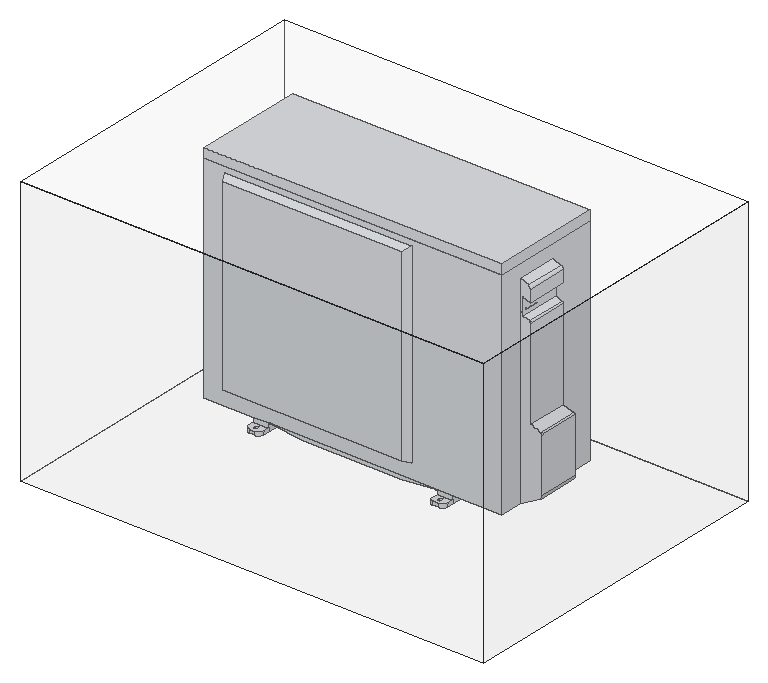
Revit family "puz-ermp4063ska14_60hz", category 機械設備, Revit 2019 (continued)
Definition of nested family "PUZ-ZRMP-1"
  Lines and regions (mm)
    model lines, visible <- "タイプ1", detail levels fine
      curve 341: arc (-404.5, -100, 64) -> (-404.5, -98.536, 60.464) -> (-404.5, -95, 59) r 5
    model lines, visible <- "タイプ3", not visible
      curve 342: line (-404.5, -100, 907) -> (-404.5, -60, 907)
      curve 343: line (-404.5, -100, 1097) -> (-404.5, -100, 907)
      curve 344: line (-404.5, -60, 1097) -> (-404.5, -100, 1097)
      curve 345: line (-404.5, -60, 907) -> (-404.5, -60, 1097)
      curve 346: line (-404.5, 60, 907) -> (-404.5, 100, 907)
      curve 347: line (-404.5, 60, 1097) -> (-404.5, 60, 907)
      curve 348: line (-404.5, 100, 1097) -> (-404.5, 60, 1097)
      curve 349: line (-404.5, 100, 907) -> (-404.5, 100, 1097)
      curve 350: line (-404.5, -46.667, 907) -> (-404.5, -6.667, 907)
      curve 351: line (-404.5, -46.667, 1097) -> (-404.5, -46.667, 907)
      curve 352: line (-404.5, -6.667, 1097) -> (-404.5, -46.667, 1097)
      curve 353: line (-404.5, -6.667, 907) -> (-404.5, -6.667, 1097)
      curve 354: line (-404.5, 6.667, 907) -> (-404.5, 46.667, 907)
      curve 355: line (-404.5, 6.667, 1097) -> (-404.5, 6.667, 907)
      curve 356: line (-404.5, 46.667, 1097) -> (-404.5, 6.667, 1097)
      curve 357: line (-404.5, 46.667, 907) -> (-404.5, 46.667, 1097)
      curve 358: line (-404.5, -100, 1112) -> (-404.5, -60, 1112)
      curve 359: line (-404.5, -100, 1302) -> (-404.5, -100, 1112)
      curve 360: line (-404.5, -60, 1302) -> (-404.5, -100, 1302)
      curve 361: line (-404.5, -60, 1112) -> (-404.5, -60, 1302)
      curve 362: line (-404.5, 60, 1112) -> (-404.5, 100, 1112)
      curve 363: line (-404.5, 60, 1302) -> (-404.5, 60, 1112)
      curve 364: line (-404.5, 100, 1302) -> (-404.5, 60, 1302)
      curve 365: line (-404.5, 100, 1112) -> (-404.5, 100, 1302)
      curve 366: line (-404.5, -46.667, 1112) -> (-404.5, -6.667, 1112)
      curve 367: line (-404.5, -46.667, 1302) -> (-404.5, -46.667, 1112)
      curve 368: line (-404.5, -6.667, 1302) -> (-404.5, -46.667, 1302)
      curve 369: line (-404.5, -6.667, 1112) -> (-404.5, -6.667, 1302)
      curve 370: line (-404.5, 6.667, 1112) -> (-404.5, 46.667, 1112)
      curve 371: line (-404.5, 6.667, 1302) -> (-404.5, 6.667, 1112)
      curve 372: line (-404.5, 46.667, 1302) -> (-404.5, 6.667, 1302)
      curve 373: line (-404.5, 46.667, 1112) -> (-404.5, 46.667, 1302)
    model lines, visible <- "タイプ2", not visible
      curve 374: line (-600, -100, 33.5) -> (-600, -60, 33.5)
      curve 375: line (-600, -100, 73.5) -> (-600, -100, 33.5)
      curve 376: line (-600, -60, 73.5) -> (-600, -100, 73.5)
      curve 377: line (-600, -60, 33.5) -> (-600, -60, 73.5)
      curve 378: line (-600, 60, 33.5) -> (-600, 100, 33.5)
      curve 379: line (-600, 60, 73.5) -> (-600, 60, 33.5)
      curve 380: line (-600, 100, 73.5) -> (-600, 60, 73.5)
      curve 381: line (-600, 100, 33.5) -> (-600, 100, 73.5)
      curve 382: line (-509, -46.667, 33.5) -> (-509, -6.667, 33.5)
      curve 383: line (-509, -46.667, 73.5) -> (-509, -46.667, 33.5)
      curve 384: line (-509, -6.667, 73.5) -> (-509, -46.667, 73.5)
      curve 385: line (-509, -6.667, 33.5) -> (-509, -6.667, 73.5)
      curve 386: line (-509, 6.667, 33.5) -> (-509, 46.667, 33.5)
      curve 387: line (-509, 6.667, 73.5) -> (-509, 6.667, 33.5)
      curve 388: line (-509, 46.667, 73.5) -> (-509, 6.667, 73.5)
      curve 389: line (-509, 46.667, 33.5) -> (-509, 46.667, 73.5)
      curve 483: line (-404.5, -100, 33.5) -> (-404.5, -60, 33.5)
      curve 484: line (-404.5, -100, 73.5) -> (-404.5, -100, 33.5)
      curve 485: line (-404.5, -60, 73.5) -> (-404.5, -100, 73.5)
      curve 486: line (-404.5, -60, 33.5) -> (-404.5, -60, 73.5)
      curve 487: line (-404.5, 60, 33.5) -> (-404.5, 100, 33.5)
      curve 488: line (-404.5, 60, 73.5) -> (-404.5, 60, 33.5)
      curve 489: line (-404.5, 100, 73.5) -> (-404.5, 60, 73.5)
      curve 490: line (-404.5, 100, 33.5) -> (-404.5, 100, 73.5)
      curve 491: line (-404.5, -46.667, 33.5) -> (-404.5, -6.667, 33.5)
      curve 492: line (-404.5, -46.667, 73.5) -> (-404.5, -46.667, 33.5)
      curve 493: line (-404.5, -6.667, 73.5) -> (-404.5, -46.667, 73.5)
      curve 494: line (-404.5, -6.667, 33.5) -> (-404.5, -6.667, 73.5)
      curve 495: line (-404.5, 6.667, 33.5) -> (-404.5, 46.667, 33.5)
      curve 496: line (-404.5, 6.667, 73.5) -> (-404.5, 6.667, 33.5)
      curve 497: line (-404.5, 46.667, 73.5) -> (-404.5, 6.667, 73.5)
      curve 498: line (-404.5, 46.667, 33.5) -> (-404.5, 46.667, 73.5)
    model lines, not visible
      curve 390: line (-404.5, -100, 87) -> (-404.5, -60, 87)
      curve 391: line (-404.5, -100, 277) -> (-404.5, -100, 87)
      curve 392: line (-404.5, -60, 277) -> (-404.5, -100, 277)
      curve 393: line (-404.5, -60, 87) -> (-404.5, -60, 277)
      curve 394: line (-404.5, -100, 292) -> (-404.5, -60, 292)
      curve 395: line (-404.5, -100, 482) -> (-404.5, -100, 292)
      curve 396: line (-404.5, -60, 482) -> (-404.5, -100, 482)
      curve 397: line (-404.5, -60, 292) -> (-404.5, -60, 482)
      curve 398: line (-404.5, -100, 497) -> (-404.5, -60, 497)
      curve 399: line (-404.5, -100, 687) -> (-404.5, -100, 497)
      curve 400: line (-404.5, -60, 687) -> (-404.5, -100, 687)
      curve 401: line (-404.5, -60, 497) -> (-404.5, -60, 687)
      curve 402: line (-404.5, -100, 702) -> (-404.5, -60, 702)
      curve 403: line (-404.5, -100, 892) -> (-404.5, -100, 702)
      curve 404: line (-404.5, -60, 892) -> (-404.5, -100, 892)
      curve 405: line (-404.5, -60, 702) -> (-404.5, -60, 892)
      curve 406: line (-404.5, 60, 87) -> (-404.5, 100, 87)
      curve 407: line (-404.5, 60, 277) -> (-404.5, 60, 87)
      curve 408: line (-404.5, 100, 277) -> (-404.5, 60, 277)
      curve 409: line (-404.5, 100, 87) -> (-404.5, 100, 277)
      curve 410: line (-404.5, -46.667, 87) -> (-404.5, -6.667, 87)
      curve 411: line (-404.5, -46.667, 277) -> (-404.5, -46.667, 87)
      curve 412: line (-404.5, -6.667, 277) -> (-404.5, -46.667, 277)
      curve 413: line (-404.5, -6.667, 87) -> (-404.5, -6.667, 277)
      curve 414: line (-404.5, 6.667, 87) -> (-404.5, 46.667, 87)
      curve 415: line (-404.5, 6.667, 277) -> (-404.5, 6.667, 87)
      curve 416: line (-404.5, 46.667, 277) -> (-404.5, 6.667, 277)
      curve 417: line (-404.5, 46.667, 87) -> (-404.5, 46.667, 277)
      curve 418: line (-404.5, 60, 292) -> (-404.5, 100, 292)
      curve 419: line (-404.5, 60, 482) -> (-404.5, 60, 292)
      curve 420: line (-404.5, 100, 482) -> (-404.5, 60, 482)
      curve 421: line (-404.5, 100, 292) -> (-404.5, 100, 482)
      curve 422: line (-404.5, 60, 702) -> (-404.5, 100, 702)
      curve 423: line (-404.5, 60, 892) -> (-404.5, 60, 702)
      curve 424: line (-404.5, 100, 892) -> (-404.5, 60, 892)
      curve 425: line (-404.5, 100, 702) -> (-404.5, 100, 892)
      curve 426: line (-404.5, -46.667, 292) -> (-404.5, -6.667, 292)
      curve 427: line (-404.5, -46.667, 482) -> (-404.5, -46.667, 292)
      curve 428: line (-404.5, -6.667, 482) -> (-404.5, -46.667, 482)
      curve 429: line (-404.5, -6.667, 292) -> (-404.5, -6.667, 482)
      curve 430: line (-404.5, -46.667, 497) -> (-404.5, -6.667, 497)
      curve 431: line (-404.5, -46.667, 687) -> (-404.5, -46.667, 497)
      curve 432: line (-404.5, -6.667, 687) -> (-404.5, -46.667, 687)
      curve 433: line (-404.5, -6.667, 497) -> (-404.5, -6.667, 687)
      curve 434: line (-404.5, -46.667, 702) -> (-404.5, -6.667, 702)
      curve 435: line (-404.5, -46.667, 892) -> (-404.5, -46.667, 702)
      curve 436: line (-404.5, -6.667, 892) -> (-404.5, -46.667, 892)
      curve 437: line (-404.5, -6.667, 702) -> (-404.5, -6.667, 892)
      curve 438: line (-404.5, 6.667, 292) -> (-404.5, 46.667, 292)
      curve 439: line (-404.5, 6.667, 482) -> (-404.5, 6.667, 292)
      curve 440: line (-404.5, 46.667, 482) -> (-404.5, 6.667, 482)
      curve 441: line (-404.5, 46.667, 292) -> (-404.5, 46.667, 482)
      curve 442: line (-404.5, 6.667, 497) -> (-404.5, 46.667, 497)
      curve 443: line (-404.5, 6.667, 687) -> (-404.5, 6.667, 497)
      curve 444: line (-404.5, 46.667, 687) -> (-404.5, 6.667, 687)
      curve 445: line (-404.5, 46.667, 497) -> (-404.5, 46.667, 687)
      curve 446: line (-404.5, 6.667, 702) -> (-404.5, 46.667, 702)
      curve 447: line (-404.5, 6.667, 892) -> (-404.5, 6.667, 702)
      curve 448: line (-404.5, 46.667, 892) -> (-404.5, 6.667, 892)
      curve 449: line (-404.5, 46.667, 702) -> (-404.5, 46.667, 892)
      curve 450: line (-338.5, -173.2, 372.5) -> (149.5, -173.2, 372.5)
      curve 451: line (149.5, -173.2, 277.5) -> (-338.5, -173.2, 277.5)
      curve 452: line (-338.5, -173.2, 467.5) -> (149.5, -173.2, 467.5)
      curve 453: line (-338.5, -173.2, 562.5) -> (149.5, -173.2, 562.5)
      curve 454: line (149.5, -173.2, 182.5) -> (-338.5, -173.2, 182.5)
      curve 455: line (149.5, -173.2, 87.5) -> (-338.5, -173.2, 87.5)
      curve 456: line (-321.071, -173.2, 579) -> (-321.071, -173.2, 71)
      curve 457: line (132.071, -173.2, 71) -> (132.071, -173.2, 579)
      curve 458: line (-303.643, -173.2, 579) -> (-303.643, -173.2, 71)
      curve 459: line (-286.214, -173.2, 579) -> (-286.214, -173.2, 71)
      curve 460: line (-268.786, -173.2, 579) -> (-268.786, -173.2, 71)
      curve 461: line (-251.357, -173.2, 579) -> (-251.357, -173.2, 71)
      curve 462: line (-233.929, -173.2, 579) -> (-233.929, -173.2, 71)
      curve 463: line (-216.5, -173.2, 579) -> (-216.5, -173.2, 71)
      curve 464: line (-199.071, -173.2, 579) -> (-199.071, -173.2, 71)
      curve 465: line (-181.643, -173.2, 579) -> (-181.643, -173.2, 71)
      curve 466: line (-164.214, -173.2, 579) -> (-164.214, -173.2, 71)
      curve 467: line (-146.786, -173.2, 579) -> (-146.786, -173.2, 71)
      curve 468: line (-129.357, -173.2, 579) -> (-129.357, -173.2, 71)
      curve 469: line (-111.929, -173.2, 579) -> (-111.929, -173.2, 71)
      curve 470: line (-94.5, -173.2, 579) -> (-94.5, -173.2, 71)
      curve 471: line (-77.071, -173.2, 579) -> (-77.071, -173.2, 71)
      curve 472: line (-59.643, -173.2, 579) -> (-59.643, -173.2, 71)
      curve 473: line (-42.214, -173.2, 579) -> (-42.214, -173.2, 71)
      curve 474: line (-24.786, -173.2, 579) -> (-24.786, -173.2, 71)
      curve 475: line (-7.357, -173.2, 579) -> (-7.357, -173.2, 71)
      curve 476: line (10.071, -173.2, 579) -> (10.071, -173.2, 71)
      curve 477: line (27.5, -173.2, 579) -> (27.5, -173.2, 71)
      curve 478: line (44.929, -173.2, 579) -> (44.929, -173.2, 71)
      curve 479: line (62.357, -173.2, 579) -> (62.357, -173.2, 71)
      curve 480: line (79.786, -173.2, 579) -> (79.786, -173.2, 71)
      curve 481: line (97.214, -173.2, 579) -> (97.214, -173.2, 71)
      curve 482: line (114.643, -173.2, 579) -> (114.643, -173.2, 71)
    symbolic lines, visible <- "タイプ1"
      curve 499: line (-278.151, 150, 630) -> (-404.5, 150, 630)
      curve 500: line (-404.5, 150, 630) -> (-404.5, -5.599, 630)
      curve 501: line (-404.5, 40, 630) -> (-424.5, 30, 630)
      curve 502: line (-424.5, 30, 630) -> (-424.5, -30, 630)
      curve 503: line (-424.5, -30, 630) -> (-404.5, -40, 630)
      curve 504: line (-404.5, -5.599, 630) -> (-404.5, -150, 630)
      curve 505: line (-404.5, -150, 630) -> (-301.612, -150, 630)
      curve 506: arc (-272.806, -170, 630) -> (-268.124, -177.204, 630) -> (-260, -180, 630) r 13.2
      curve 507: line (-260, -180, 630) -> (-243.332, -180, 630)
      curve 508: arc (-243.332, -180, 630) -> (-235.208, -177.204, 630) -> (-230.526, -170, 630) r 13.2
      curve 509: line (-301.612, -150, 630) -> (280.999, -150, 630)
      curve 510: line (230, -150, 630) -> (230, -170, 630)
      curve 511: arc (230, -170, 630) -> (232.929, -177.071, 630) -> (240, -180, 630) r 10
      curve 512: line (240, -180, 630) -> (256.8, -180, 630)
      curve 513: arc (256.8, -180, 630) -> (266.134, -176.134, 630) -> (270, -166.8, 630) r 13.2
      curve 514: line (270, -166.8, 630) -> (270, -150, 630)
      curve 515: line (280.999, -150, 630) -> (404.5, -150, 630)
      curve 516: line (404.5, -150, 630) -> (404.5, -77.105, 630)
      curve 517: line (404.5, -90, 630) -> (466.5, -90, 630)
      curve 518: line (466.5, -90, 630) -> (466.5, 20, 630)
      curve 519: line (466.5, 20, 630) -> (404.5, 20, 630)
      curve 520: line (404.5, -77.105, 630) -> (404.5, 150, 630)
      curve 521: line (404.5, 150, 630) -> (308.975, 150, 630)
      curve 522: line (270, 150, 630) -> (270, 180, 630)
      curve 523: line (270, 180, 630) -> (230, 180, 630)
      curve 524: line (230, 180, 630) -> (230, 150, 630)
      curve 525: line (308.975, 150, 630) -> (-278.151, 150, 630)
      curve 526: line (-230, 150, 630) -> (-230, 180, 630)
      curve 527: line (-230, 180, 630) -> (-270, 180, 630)
      curve 528: line (-270, 180, 630) -> (-270, 150, 630)
      curve 529: line (-324.5, 100, 630) -> (324.5, 100, 630)
      curve 530: line (-324.5, 40, 630) -> (-324.5, 100, 630)
      curve 531: line (324.5, 40, 630) -> (-324.5, 40, 630)
      curve 532: line (324.5, 100, 630) -> (324.5, 40, 630)
      curve 533: line (324.5, 30, 630) -> (-324.5, 30, 630)
      curve 534: line (324.5, -30, 630) -> (324.5, 30, 630)
      curve 535: line (-324.5, -30, 630) -> (324.5, -30, 630)
      curve 536: line (-324.5, 30, 630) -> (-324.5, -30, 630)
      curve 537: line (-324.5, -40, 630) -> (324.5, -40, 630)
      curve 538: line (-324.5, -100, 630) -> (-324.5, -40, 630)
      curve 539: line (324.5, -100, 630) -> (-324.5, -100, 630)
      curve 540: line (324.5, -40, 630) -> (324.5, -100, 630)
      curve 541: line (339.5, 100, 630) -> (354.5, 100, 630)
      curve 542: line (339.5, -100, 630) -> (339.5, 100, 630)
      curve 543: line (354.5, -100, 630) -> (339.5, -100, 630)
      curve 544: line (354.5, 100, 630) -> (354.5, -100, 630)
      curve 545: line (-354.5, 100, 630) -> (-339.5, 100, 630)
      curve 546: line (-354.5, -100, 630) -> (-354.5, 100, 630)
      curve 547: line (-339.5, -100, 630) -> (-354.5, -100, 630)
      curve 548: line (-339.5, 100, 630) -> (-339.5, -100, 630)
      curve 549: line (-338.5, -170, 630) -> (149.5, -170, 630)
      curve 550: line (149.5, -170, 630) -> (159.5, -150, 630)
      curve 551: line (-348.5, -150, 630) -> (-338.5, -170, 630)
  Dimensions and locks
    equal spacing: plane 8, plane 1 "中心(正面/背面)", plane 7
    "奥行き": plane 8 to plane 7
    equal spacing: plane 5, plane 3 "中心(左/右)", plane 6
    "幅さ": plane 5 to plane 6
    "高さ": plane 4 to level
    locked: plane 6 to plane 9 at 62
    locked: plane 8 to plane 10 at 60
    locked: plane 8 to plane 11 at 170
    locked: plane 4 to plane 12 at 25
    locked: plane 13 to plane 5 at 20
    "吊りボルト-D": plane 17 to plane 16
    equal spacing: plane 17, plane 1 "中心(正面/背面)", plane 16
    equal spacing: plane 14, plane 3 "中心(左/右)", plane 15
    "吊りボルト-W": plane 14 to plane 15
    plane 21 to plane 14 to plane 20 = 20 mm locked, 20 mm locked
    plane 19 to plane 15 to plane 18 = 20 mm locked, 20 mm locked
    locked: plane 16 to plane 22 at 15
    locked: plane 23 to plane 17 at 15
    locked: plane 24 to level at 8.5
    locked: plane 25 to level at 20
    locked: plane 26 to plane 24 at 3
    locked: plane 4 to plane 29 at 5
    plane 7 to plane 1 "中心(正面/背面)" to plane 8 = 150 mm, 150 mm
    plane 31 to plane 1 "中心(正面/背面)" to plane 30 = 40 mm locked, 40 mm locked
    plane 33 to plane 1 "中心(正面/背面)" to plane 32 = 30 mm locked, 30 mm locked
    locked: plane 34 to plane 12 at 5
    locked: plane 35 to level at 55
    locked: plane 36 to level at 225
    equal spacing: plane 6, plane 39, plane 9
    locked: plane 6 to plane 38 at 10
    locked: plane 20 to plane 27 at 95
    locked: plane 28 to plane 19 at 95
    "換気-D": plane 40 to plane 8
    "換気-W": plane 41 to plane 5
    "換気-H1": plane 42 to level
    plane 43 to plane 41 to plane 44 = 254 mm locked, 254 mm locked
    plane 45 to plane 42 to plane 46 = 264 mm locked, 264 mm locked
    locked: plane 43 to plane 48 at 10
    locked: plane 47 to plane 44 at 10
    locked: plane 45 to plane 49 at 10
    locked: plane 50 to plane 46 at 10
    locked: curve 26 to plane 50 at 16.5
    locked: plane 49 to curve 24 at 16.5
    equal spacing: curve 24, curve 23, curve 21, curve 22, curve 25, curve 26
    equal spacing: plane 48, curve 28, curve 53, curve 52, curve 51, curve 50, curve 49, curve 48, curve 47, curve 46, curve 45, curve 44, curve 43, curve 42, curve 41, curve 40, curve 39, curve 38, curve 37, curve 36, curve 35, curve 34, curve 33, curve 32, curve 31, curve 30, curve 29, curve 27, plane 47
    locked: curve 4 to curve 6 at 10
    locked: curve 3 to curve 5 at 10
    locked: plane 51 to plane 7 at 50
    locked: plane 8 to plane 52 at 50
    equal spacing: group 1, group 2, group 3, group 4, group 5, group 6, group 7, group 8, group 9, group 10, group 11, group 12, group 13, group 14, group 15, group 16, group 17, group 18  (x2)
    equal spacing: group 18, group 17, group 16, group 15, group 14, group 13, group 12, group 11, group 10, group 9, group 8, group 7, group 6, group 5, group 4, group 3, group 2, group 1
    "ドレン管径-X": plane 5 to plane 53
    "ドレン管径-Y": plane 8 to plane 54
    "配線取出口-Y": plane 57 to plane 7
    "冷媒液管径-Y": plane 58 to plane 7
    "冷媒ガス管径-Y": plane 59 to plane 7
    "配線取出口-X": plane 3 "中心(左/右)" to plane 56
    "冷媒ガス管径-X": plane 3 "中心(左/右)" to plane 55
    "冷媒液管径-X": plane 3 "中心(左/右)" to plane 60
    "冷媒液管径-Z": plane 62 to level
    "冷媒ガス管径-Z": plane 61 to level
    "配線取出口-Z": plane 63 to level
    locked: plane 57 to plane 64 at 50
    locked: plane 65 to plane 61 at 37.8
    locked: plane 66 to plane 62 at 16.1
    equal spacing: plane 55, plane 67, plane 60
    equal spacing: plane 58, plane 68, plane 59
    "a": plane 69 "グループ" to plane 3 "中心(左/右)"
    plane 71 to level = 943 mm
    plane 70 to level = 1338 mm
    locked: plane 37 to level at 570
    curve 21 to plane 42 to curve 22 = 47.5 mm locked, 47.5 mm locked
    "換気-H2": plane 72 to plane 42
    plane 73 to plane 72 to plane 74 = 264 mm locked, 264 mm locked
    locked: plane 76 to plane 74 at 10
    locked: plane 73 to plane 75 at 10
    plane 48 to plane 47 = 488 mm
    plane 68 to plane 7 = 185.5 mm
    plane 61 to level = 99.5 mm
    plane 65 to plane 61 = 37.8 mm
    plane 62 to level = 164.5 mm
    plane 66 to plane 62 = 16.1 mm
    plane 68 to plane 77 to plane 78 = 23 mm locked, 17.5 mm locked
    plane 68 to plane 77 = 23 mm
    plane 77 to plane 78 = 17.5 mm
    equal spacing: plane 77, plane 79, plane 78
    "ドレン配管サイズ": diameter of Extrusion 3 sketch curve
    "配線取出口サイズ": diameter of Extrusion 9 sketch curve
    "吊りボルト-φ": diameter of Extrusion 10 sketch curve  (x4)
    "冷媒配管サイズ": diameter of Sweep 11 sketch curve
    "ガス配管サイズ": diameter of Sweep 12 sketch curve
    aligned and locked: level to plane 2
    aligned and locked: Extrusion 1 to level
    aligned and locked: plane 25 to Extrusion 1
    aligned and locked: Extrusion 2 sketch curve to plane 25
    aligned and locked: Extrusion 2 sketch curve to plane 26
    aligned and locked: Extrusion 2 to plane 7
    aligned and locked: plane 8 to Extrusion 2
    aligned and locked: Extrusion 3 to plane 26
    aligned and locked: Extrusion 3 to plane 24
    aligned and locked: Extrusion 4 sketch curve to plane 7
    aligned and locked: Extrusion 4 sketch curve to plane 8
    aligned and locked: Extrusion 4 sketch curve to plane 5
    aligned and locked: Extrusion 4 sketch curve to plane 6
    aligned and locked: Extrusion 4 to plane 25
    aligned and locked: plane 12 to Extrusion 4
    aligned and locked: Extrusion 5 sketch curve to Extrusion 4  (x4)
    aligned and locked: Extrusion 5 to plane 12
    aligned and locked: plane 4 to Extrusion 5
    aligned and locked: plane 29 to Blend 6 sketch curve
    aligned and locked: Blend 6 sketch curve to plane 31
    aligned and locked: Blend 6 sketch curve to plane 12  (x2)
    aligned and locked: plane 30 to Blend 6 sketch curve
    aligned and locked: plane 34 to Blend 6 sketch curve
    aligned and locked: Blend 6 sketch curve to plane 33
    aligned and locked: plane 32 to Blend 6 sketch curve
    aligned and locked: Blend 6 to plane 13
    aligned and locked: plane 5 to Blend 6
    aligned and locked: Extrusion 7 sketch curve to plane 6
    aligned and locked: Extrusion 7 sketch curve to plane 9
    aligned and locked: Extrusion 7 sketch curve to plane 39
    aligned and locked: Extrusion 7 sketch curve to Extrusion 7 sketch curve
    aligned and locked: Extrusion 7 sketch curve to plane 38
    aligned and locked: Extrusion 7 to plane 11
    aligned and locked: plane 10 to Extrusion 7
    aligned and locked: Blend 8 sketch curve to plane 45
    aligned and locked: Blend 8 sketch curve to plane 46
    aligned and locked: Blend 8 sketch curve to plane 44
    aligned and locked: Blend 8 sketch curve to plane 43
    aligned and locked: Blend 8 sketch curve to plane 49
    aligned and locked: Blend 8 sketch curve to plane 47
    aligned and locked: Blend 8 sketch curve to plane 48
    aligned and locked: Blend 8 sketch curve to plane 50
    aligned and locked: Blend 8 to plane 8
    aligned and locked: plane 40 to Blend 8
    aligned and locked: curve 17 to plane 51
    aligned and locked: curve 1 to plane 51
    aligned and locked: plane 51 to curve 19
    aligned and locked: curve 18 to plane 52
    aligned and locked: plane 52 to curve 2
    aligned and locked: plane 52 to curve 20
    aligned and locked: plane 53 to Extrusion 3 sketch curve
    aligned and locked: plane 54 to Extrusion 3 sketch curve
    aligned and locked: plane 63 to Extrusion 9 sketch curve
    aligned and locked: plane 56 to Extrusion 9 sketch curve
    aligned and locked: plane 57 to Extrusion 9
    aligned and locked: Extrusion 9 to plane 64
    aligned and locked: plane 22 to Extrusion 10 sketch curve  (x4)
    aligned and locked: plane 21 to Extrusion 10 sketch curve
    aligned and locked: Extrusion 2 to Extrusion 10 sketch curve  (x2)
    aligned and locked: Extrusion 10 sketch curve to Extrusion 1  (x6)
    aligned and locked: plane 19 to Extrusion 10 sketch curve
    aligned and locked: Extrusion 10 sketch curve to plane 23  (x2)
    aligned and locked: Extrusion 10 sketch curve to plane 18
    aligned and locked: Extrusion 10 sketch curve to plane 20
    aligned and locked: plane 16 to Extrusion 10 sketch curve  (x2)
    aligned and locked: plane 14 to Extrusion 10 sketch curve  (x2)
    aligned and locked: plane 17 to Extrusion 10 sketch curve  (x2)
    aligned and locked: plane 15 to Extrusion 10 sketch curve  (x2)
    aligned and locked: level to Extrusion 10
    aligned and locked: plane 24 to Extrusion 10
    aligned and locked: Masking region 1 sketch curve to Extrusion 5  (x4)
    aligned and locked: Masking region 1 sketch curve to Blend 6  (x3)
    aligned and locked: Masking region 1 sketch curve to Extrusion 7  (x2)
    aligned and locked: Masking region 1 sketch curve to plane 9
    aligned and locked: Masking region 1 sketch curve to Extrusion 10  (x8)
    aligned and locked: Masking region 1 to curve 499
    aligned and locked: curve 500 to Masking region 1
    aligned and locked: curve 501 to Masking region 1
    aligned and locked: curve 502 to Masking region 1
    aligned and locked: curve 503 to Masking region 1
    aligned and locked: curve 504 to Masking region 1
    aligned and locked: curve 505 to Masking region 1
    aligned and locked: curve 506 to Masking region 1
    aligned and locked: curve 508 to Masking region 1
    aligned and locked: curve 510 to Masking region 1
    aligned and locked: curve 511 to Masking region 1
    aligned and locked: curve 513 to Masking region 1
    aligned and locked: Masking region 1 to curve 515
    aligned and locked: curve 516 to Masking region 1
    aligned and locked: curve 517 to Masking region 1
    aligned and locked: curve 518 to Masking region 1
    aligned and locked: curve 519 to Masking region 1
    aligned and locked: curve 520 to Masking region 1
    aligned and locked: curve 521 to Masking region 1
    aligned and locked: curve 522 to Masking region 1
    aligned and locked: curve 523 to Masking region 1
    aligned and locked: curve 524 to Masking region 1
    aligned and locked: curve 525 to Masking region 1
    aligned and locked: curve 526 to Masking region 1
    aligned and locked: curve 527 to Masking region 1
    aligned and locked: curve 528 to Masking region 1
    aligned and locked: curve 532 to curve 12
    aligned and locked: Masking region 1 sketch curve to curve 21
    aligned and locked: Masking region 1 sketch curve to Blend 8  (x2)
    aligned and locked: curve 549 to Blend 8
    aligned and locked: curve 550 to Blend 8
    aligned and locked: curve 551 to Blend 8
    aligned and locked: plane 78 to Sweep 12 sketch curve
    aligned and locked: plane 58 to Sweep 12 sketch curve
    aligned and locked: plane 77 to Sweep 11 sketch curve
    aligned and locked: plane 58 to Sweep 11 sketch curve
    aligned and locked: plane 61 to Sweep 12 sketch curve
  Automatic sketch dimensions
    Extrusion 2 sketch curve to plane 20 = 0 mm
    Extrusion 2 sketch curve to plane 27 = 0 mm
    Extrusion 2 sketch curve to plane 28 = 0 mm
    Extrusion 2 sketch curve to plane 19 = 0 mm
    Extrusion 7 sketch curve to plane 39 = 0 mm
    Extrusion 7 sketch curve to plane 25 = 0 mm
    Extrusion 7 sketch curve to plane 36 = 0 mm
    Extrusion 7 sketch curve to plane 37 = 0 mm
    Extrusion 7 sketch curve to Extrusion 7 sketch curve = 10 mm
    Extrusion 7 sketch curve to plane 39 = 6.58 mm
    Extrusion 7 sketch curve to Extrusion 7 sketch curve = 5 mm  (x2)
    plane 39 to Extrusion 7 sketch curve = 21 mm
    Extrusion 7 sketch curve to plane 39 = 3.29 mm
    Extrusion 7 sketch curve to plane 9 = 3.29 mm
    Extrusion 7 sketch curve to plane 35 = 2.87 mm
    Extrusion 7 sketch curve to Extrusion 7 sketch curve = 81.633 mm
    Extrusion 7 sketch curve to Extrusion 7 sketch curve = 30.244 mm
    Extrusion 7 sketch curve to Extrusion 7 sketch curve = 7.643 mm
    plane 7 to Extrusion 1 sketch curve = 0 mm  (x2)
    Extrusion 1 sketch curve to plane 18 = 0 mm
    plane 8 to Extrusion 1 sketch curve = 0 mm  (x2)
    Extrusion 1 sketch curve to plane 19 = 0 mm
    Extrusion 1 sketch curve to plane 20 = 0 mm
    Extrusion 1 sketch curve to plane 21 = 0 mm
    curve 383 to curve 384 = 40 mm
    curve 382 to curve 386 = 13.333 mm
    curve 386 to curve 386 = 40 mm
    curve 382 to curve 389 = 0 mm
    curve 382 to curve 384 = 40 mm
    curve 384 to curve 387 = 0 mm
    curve 375 to curve 376 = 40 mm
    curve 374 to curve 378 = 120 mm
    curve 378 to curve 378 = 40 mm
    curve 374 to curve 381 = 0 mm
    curve 374 to curve 376 = 40 mm
    curve 378 to curve 379 = 40 mm
    curve 25 to plane 47 = 0 mm
    curve 24 to plane 47 = 0 mm
    curve 22 to plane 47 = 0 mm
    curve 23 to plane 47 = 0 mm
    curve 26 to plane 47 = 0 mm
    curve 21 to plane 47 = 0 mm
    curve 24 to plane 48 = 0 mm
    curve 25 to plane 48 = 0 mm
    curve 26 to plane 48 = 0 mm
    curve 23 to plane 48 = 0 mm
    curve 22 to plane 48 = 0 mm
    curve 21 to plane 48 = 0 mm
    curve 37 to plane 50 = 0 mm
    curve 52 to plane 50 = 0 mm
    curve 51 to plane 50 = 0 mm
    curve 50 to plane 50 = 0 mm
    curve 49 to plane 50 = 0 mm
    curve 48 to plane 50 = 0 mm
    curve 47 to plane 50 = 0 mm
    curve 46 to plane 50 = 0 mm
    curve 45 to plane 50 = 0 mm
    curve 44 to plane 50 = 0 mm
    curve 43 to plane 50 = 0 mm
    curve 42 to plane 50 = 0 mm
    curve 41 to plane 50 = 0 mm
    curve 27 to plane 50 = 0 mm
    curve 28 to plane 50 = 0 mm
    curve 40 to plane 50 = 0 mm
    curve 39 to plane 50 = 0 mm
    curve 29 to plane 50 = 0 mm
    curve 38 to plane 50 = 0 mm
    curve 30 to plane 50 = 0 mm
    curve 53 to plane 50 = 0 mm
    curve 31 to plane 50 = 0 mm
    curve 36 to plane 50 = 0 mm
    curve 32 to plane 50 = 0 mm
    curve 35 to plane 50 = 0 mm
    curve 33 to plane 50 = 0 mm
    curve 34 to plane 50 = 0 mm
    curve 28 to plane 49 = 0 mm
    curve 41 to plane 49 = 0 mm
    curve 27 to plane 49 = 0 mm
    curve 42 to plane 49 = 0 mm
    curve 31 to plane 49 = 0 mm
    curve 40 to plane 49 = 0 mm
    curve 37 to plane 49 = 0 mm
    curve 39 to plane 49 = 0 mm
    curve 32 to plane 49 = 0 mm
    curve 45 to plane 49 = 0 mm
    curve 36 to plane 49 = 0 mm
    curve 46 to plane 49 = 0 mm
    curve 43 to plane 49 = 0 mm
    curve 47 to plane 49 = 0 mm
    curve 29 to plane 49 = 0 mm
    curve 48 to plane 49 = 0 mm
    curve 30 to plane 49 = 0 mm
    curve 49 to plane 49 = 0 mm
    curve 44 to plane 49 = 0 mm
    curve 50 to plane 49 = 0 mm
    curve 33 to plane 49 = 0 mm
    curve 51 to plane 49 = 0 mm
    curve 35 to plane 49 = 0 mm
    curve 52 to plane 49 = 0 mm
    curve 38 to plane 49 = 0 mm
    curve 53 to plane 49 = 0 mm
    curve 34 to plane 49 = 0 mm
    Masking region 1 sketch curve to plane 5 = 0 mm
    Masking region 1 sketch curve to plane 6 = 0 mm
    plane 7 to Masking region 1 sketch curve = 0 mm  (x2)
    Masking region 1 sketch curve to plane 15 = 10 mm
    Masking region 1 sketch curve to plane 19 = 0 mm
    plane 8 to Masking region 1 sketch curve = 0 mm  (x2)
    plane 32 to curve 535 = 0 mm
    plane 33 to curve 534 = 0 mm
    curve 541 to plane 56 = 45.5 mm
    curve 13 to curve 20 = 15 mm
    plane 18 to curve 535 = 54.5 mm
    curve 532 to curve 6 = 0 mm
    curve 537 to curve 5 = 0 mm
    plane 47 to curve 536 = 14 mm
    plane 47 to curve 538 = 14 mm
    plane 47 to curve 1 = 14 mm
    curve 16 to plane 47 = 1 mm
    curve 15 to plane 44 = 6 mm
    plane 1 "中心(正面/背面)" to curve 504 = 5.599 mm
    curve 528 to curve 499 = 8.151 mm
    curve 521 to curve 522 = 38.975 mm
    curve 516 to plane 10 = 12.895 mm
    curve 515 to curve 514 = 10.999 mm
    plane 40 to Masking region 1 sketch curve = 0 mm
    Masking region 1 sketch curve to plane 40 = 3.2 mm  (x2)
    Masking region 1 sketch curve to plane 14 = 10 mm
    Masking region 1 sketch curve to plane 20 = 0.526 mm
    curve 509 to plane 21 = 31.612 mm
    Sweep 12 sketch curve to plane 65 = 0 mm
    Sweep 11 sketch curve to plane 62 = 0 mm
    Sweep 11 sketch curve to plane 66 = 0 mm
    plane 40 to Extrusion 10 sketch curve = 0 mm
    plane 17 to Extrusion 10 sketch curve = 0 mm  (x2)
    Extrusion 10 sketch curve to Extrusion 10 sketch curve = 1.8 mm  (x3)
    plane 17 to Extrusion 10 sketch curve = 1.8 mm  (x2)
    Extrusion 10 sketch curve to Extrusion 10 sketch curve = 0 mm
    Sweep 11 sketch curve to plane 67 = 0 mm
    Sweep 11 sketch curve to profile plane = 0 mm
    Sweep 12 sketch curve to plane 67 = 0 mm
    Sweep 12 sketch curve to profile plane = 0 mm
Definition of nested family "固定点"
  Parameters (values of type "固定点")
    中心円 = if(W > 599 mm, 12 mm, 10 mm)  # 12 mm
    W = 1000 mm
    D = 1000 mm
  Reference planes
    plane 1 "中心(正面/背面)": y = 0
    plane 2: z = 0
    plane 3 "中心(左/右)": x = 0
    plane 4: x = 1000
    plane 5: y = 1000
  Lines and regions (mm)
    symbolic lines, detail levels fine
      curve 1: circle (0, 1000, 0) r 6 normal (0, 0, 1)
      curve 2: circle (0, 0, 0) r 6 normal (0, 0, 1)
      curve 3: circle (1000, 1000, 0) r 6 normal (0, 0, 1)
      curve 4: circle (1000, 0, 0) r 6 normal (0, 0, 1)
      curve 5: line (-200, 1000, 0) -> (1200, 1000, 0)
      curve 6: line (-200, 0, 0) -> (1200, 0, 0)
      curve 7: line (0, 1200, 0) -> (0, -200, 0)
      curve 8: line (1000, 1200, 0) -> (1000, -200, 0)
  Dimensions and locks
    "W": plane 3 "中心(左/右)" to plane 4
    "D": plane 1 "中心(正面/背面)" to plane 5
    "中心円": diameter of curve 1
    "中心円": diameter of curve 2
    "中心円": diameter of curve 3
    "中心円": diameter of curve 4
    aligned and locked: level to plane 2
    aligned and locked: plane 5 to curve 1
    aligned and locked: plane 3 "中心(左/右)" to curve 1
    aligned and locked: plane 3 "中心(左/右)" to curve 2
    aligned and locked: plane 1 "中心(正面/背面)" to curve 2
    aligned and locked: plane 4 to curve 3
    aligned and locked: plane 5 to curve 3
    aligned and locked: plane 1 "中心(正面/背面)" to curve 4
    aligned and locked: plane 4 to curve 4
    aligned and locked: plane 1 "中心(正面/背面)" to curve 6
    aligned and locked: curve 7 to plane 3 "中心(左/右)"
    aligned and locked: curve 8 to plane 4
  Automatic sketch dimensions
    curve 5 to plane 5 = 0 mm
    curve 6 to plane 3 "中心(左/右)" = 200 mm
    curve 5 to plane 3 "中心(左/右)" = 200 mm
    curve 4 to curve 6 = 200 mm
    curve 3 to curve 5 = 200 mm
    plane 1 "中心(正面/背面)" to curve 8 = 200 mm
    plane 1 "中心(正面/背面)" to curve 7 = 200 mm
    curve 3 to curve 8 = 200 mm
    curve 1 to curve 7 = 200 mm
Types (10, lengths in mm): name | 音響パワーレベル_暖房 (dB) | 音響パワーレベル_冷房 (dB) | 音響パワーレベル(dB) | 電動機出力_圧縮機 | 質量 | 製品質量 | 相 | 構成品番 | 極数 | 最小電線太さ_mm2 | 暖房能力 | 推奨ブレーカー容量 | 冷房能力
  室外機_PUZ-ERMP40SKA14 (-BS_BSG) | 66 | 64 | 66 | 0.7 kW | 48.00 kg | 40.00 kg | 1 | "PUZ-ERMP40SKA14 (-BS,-BSG)" | 1 | 3.5 | 4 kW | 20 A | 3.6 kW
  室外機_PUZ-ERMP40KA14 (-BS_BSG) | 66 | 64 | 66 | 0.7 kW | 45.60 kg | 38.00 kg | 3 | "PUZ-ERMP40KA14 (-BS,-BSG)" | 3 | 2 | 4 kW | 15 A | 3.6 kW
  室外機_PUZ-ERMP45SKA14 (-BS_BSG) | 66 | 64 | 66 | 0.9 kW | 48.00 kg | 40.00 kg | 1 | "PUZ-ERMP45SKA14 (-BS,-BSG)" | 1 | 3.5 | 4.5 kW | 20 A | 4 kW
  室外機_PUZ-ERMP45KA14 (-BS_BSG) | 66 | 64 | 66 | 0.9 kW | 45.60 kg | 38.00 kg | 3 | "PUZ-ERMP45KA14 (-BS,-BSG)" | 3 | 2 | 4.5 kW | 15 A | 4 kW
  室外機_PUZ-ERMP50SKA14 (-BS_BSG) | 67 | 65 | 67 | 1 kW | 48.00 kg | 40.00 kg | 1 | "PUZ-ERMP50SKA14 (-BS,-BSG)" | 1 | 3.5 | 5 kW | 20 A | 4.5 kW
  室外機_PUZ-ERMP50KA14 (-BS_BSG) | 67 | 65 | 67 | 1 kW | 45.60 kg | 38.00 kg | 3 | "PUZ-ERMP50KA14 (-BS,-BSG)" | 3 | 2 | 5 kW | 15 A | 4.5 kW
  室外機_PUZ-ERMP56SKA14 (-BS_BSG) | 67 | 65 | 67 | 1.2 kW | 48.00 kg | 40.00 kg | 1 | "PUZ-ERMP56SKA14 (-BS,-BSG)" | 1 | 3.5 | 5.6 kW | 20 A | 5 kW
  室外機_PUZ-ERMP56KA14 (-BS_BSG) | 67 | 65 | 67 | 1.2 kW | 45.60 kg | 38.00 kg | 3 | "PUZ-ERMP56KA14 (-BS,-BSG)" | 3 | 2 | 5.6 kW | 15 A | 5 kW
  室外機_PUZ-ERMP63SKA14 (-BS_BSG) | 67 | 65 | 67 | 1.3 kW | 48.00 kg | 40.00 kg | 1 | "PUZ-ERMP63SKA14 (-BS,-BSG)" | 1 | 3.5 | 6.3 kW | 30 A | 5.6 kW
  室外機_PUZ-ERMP63KA14 (-BS_BSG) | 67 | 65 | 67 | 1.3 kW | 46.80 kg | 39.00 kg | 3 | "PUZ-ERMP63KA14 (-BS,-BSG)" | 3 | 2 | 6.3 kW | 15 A | 5.6 kW
